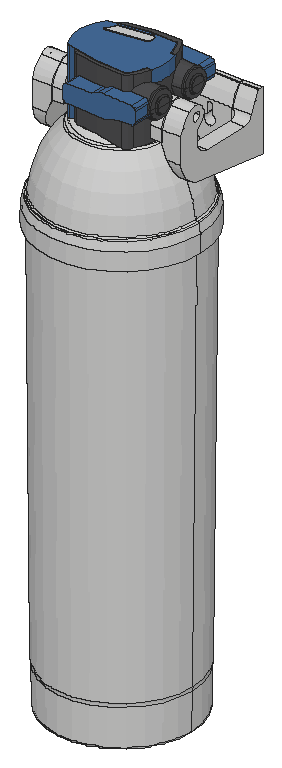
Revit family "QF_Vivreau_PURITY C500 Steam Advanced", category Specialty Equipment, Revit 2020 (continued)
Definition of nested family "QF_Vivreau_Wall Bracket_C500"
  Forms (in)
    Extrusion 4, void
      sketch origin (0, 0, 0) x (1, 0, 0) y (0, 0, 1)
        loop
          arc (4.06057, 55.15765) -> (3.95806, 55.23272) -> (3.85556, 55.15765) r 0.10752
          line (3.85556, 55.15765) -> (3.85556, 54.83453)
      from 0 to 0.50028
    Extrusion 5, solid
      sketch origin (0, 0, 0) x (0, 1, 0) y (0, 0, 1)
        loop
          arc (-3.32952, 56.64719) -> (-3.60078, 56.37477) -> (-3.74609, 56.01885) r 0.97803
          line (-3.74609, 56.01885) -> (-3.74609, 55.58356) -> (-3.04993, 55.58356) -> (-3.04993, 55.82751)
          arc (-3.04993, 55.82751) -> (-3.01891, 55.92778) -> (-2.95631, 56.01202) r 0.31113
          arc (-2.95631, 56.01202) -> (-2.87354, 56.09395) -> (-2.79381, 56.17883) r 3.21432
          arc (-2.79381, 56.17883) -> (-2.73635, 56.27963) -> (-2.7179, 56.39419) r 0.32555
          arc (-2.7179, 56.39419) -> (-2.77627, 56.58692) -> (-2.92668, 56.72083) r 0.37126
          arc (-2.92668, 56.72083) -> (-3.14017, 56.75004) -> (-3.32952, 56.64719) r 0.34587
      from 0.71175 to 1.13945
    Extrusion 6, solid
      sketch origin (4.34798, 0, 0) x (0, 1, 0) y (0, 0, 1)
        loop
          arc (-3.32952, 56.64719) -> (-3.60078, 56.37477) -> (-3.74609, 56.01885) r 0.97803
          line (-3.74609, 56.01885) -> (-3.74609, 55.58356) -> (-3.04993, 55.58356) -> (-3.04993, 55.82751)
          arc (-3.04993, 55.82751) -> (-3.01891, 55.92778) -> (-2.95631, 56.01202) r 0.31113
          arc (-2.95631, 56.01202) -> (-2.87354, 56.09395) -> (-2.79381, 56.17883) r 3.21432
          arc (-2.79381, 56.17883) -> (-2.73635, 56.27963) -> (-2.7179, 56.39419) r 0.32555
          arc (-2.7179, 56.39419) -> (-2.77627, 56.58692) -> (-2.92668, 56.72083) r 0.37126
          arc (-2.92668, 56.72083) -> (-3.14017, 56.75004) -> (-3.32952, 56.64719) r 0.34587
      from 0 to 0.4277
    Extrusion 7, solid
      sketch origin (0, 0, 0) x (0, 1, 0) y (0, 0, 1)
        loop
          circle (-3.06236, 56.38281) r 0.17302
      from 1.13945 to 1.35172
    Extrusion 8, solid
      sketch origin (2.86179, 0, 0) x (0, 1, 0) y (0, 0, 1)
        loop
          circle (-3.06236, 56.38281) r 0.17302
      from 1.19877 to 1.48618
    Extrusion 9, void
      sketch origin (0, 0, 0) x (1, 0, 0) y (0, 0, 1)
        loop
          line (0.15642, 53.82017) -> (0.15642, 53.76981) -> (0.77378, 53.76981) -> (0.77378, 55.54717) -> (0.71175, 55.54717)
          arc (0.71175, 55.54717) -> (0.39158, 54.69733) -> (0.15642, 53.82017) r 9.23624
      from 0.51986 to 3.74609
    Extrusion 10, void
      sketch origin (5.48742, 0, 0) x (-1, 0, 0) y (0, 0, -1)
        loop
          arc (0.15642, -53.82017) -> (0.39158, -54.69733) -> (0.71175, -55.54717) r 9.23624
          line (0.71175, -55.54717) -> (0.77378, -55.54717) -> (0.77378, -53.76981) -> (0.15642, -53.76981) -> (0.15642, -53.82017)
      from 0.51986 to 3.74609
  Cuts and joins
    Extrusion 4, Extrusion 9 cuts Extrusion 3
    Extrusion 9, Extrusion 10 cuts Extrusion 1
    Extrusion 10 cuts Extrusion 2
  Lines and regions (in)
    symbolic lines
      curve 1: line (0, -3.23537, 56.38281) -> (0, -2.88934, 56.38281)
      curve 2: line (0.40405, -0.13295, 0) -> (0.40405, 0, 0)
      curve 3: line (0.40405, 0, 0) -> (5.08337, 0, 0)
      curve 4: line (5.08337, -0.13295, 0) -> (5.08337, 0, 0)
      curve 5: line (0.40405, -0.13295, 0) -> (5.08337, -0.13295, 0)
      curve 6: arc (0.40405, -0.13295, 0) -> (0.42218, -0.30656, 0) -> (0.44979, -0.47891, 0) r 3.18691
      curve 7: arc (0.44979, -0.47891, 0) -> (0.44265, -0.54927, 0) -> (0.42407, -0.6175, 0) r 0.42983
      curve 8: arc (0.42407, -0.6175, 0) -> (0.08893, -1.60757, 0) -> (0, -2.64903, 0) r 4.34392
      curve 9: arc (1.01852, -0.51986, 0) -> (0.66155, -1.5729, 0) -> (0.57957, -2.68176, 0) r 4.40598
      curve 10: line (0.39328, -2.68176, 0) -> (1.02034, -2.68176, 0)
      curve 11: line (1.02034, -2.68176, 0) -> (1.02034, -3.68176, 0)
      curve 12: arc (0.39328, -2.68176, 0) -> (0.27454, -2.7648, 0) -> (0.22894, -2.90232, 0) r 0.23018
      curve 13: arc (0.12248, -3.08148, 0) -> (0.15422, -3.06272, 0) -> (0.17635, -3.03322, 0) r 0.09432
      curve 14: arc (0.17635, -3.03322, 0) -> (0.20476, -2.96863, 0) -> (0.22894, -2.90232, 0) r 1.08965
      curve 15: arc (0.12248, -3.08148, 0) -> (0.0982, -3.08363, 0) -> (0.07385, -3.08469, 0) r 0.54642
      curve 16: arc (0.07385, -3.08469, 0) -> (0.04284, -3.05822, 0) -> (0.0293, -3.01977, 0) r 0.07844
      curve 17: arc (0.39328, -2.68176, 0) -> (0.44322, -2.69561, 0) -> (0.47889, -2.7332, 0) r 0.09696
      curve 18: arc (0.47889, -2.7332, 0) -> (0.51971, -2.80727, 0) -> (0.54276, -2.88864, 0) r 0.37227
      curve 19: arc (0.54276, -2.88864, 0) -> (0.55909, -3.03706, 0) -> (0.54276, -3.18547, 0) r 0.68254
      curve 20: arc (0.54276, -3.18547, 0) -> (0.46763, -3.39851, 0) -> (0.34409, -3.58761, 0) r 0.94478
      curve 21: arc (0.34409, -3.58761, 0) -> (0.29471, -3.65131, 0) -> (0.23677, -3.70733, 0) r 0.5646
      curve 22: arc (0.23677, -3.70733, 0) -> (0.20133, -3.72715, 0) -> (0.16121, -3.73335, 0) r 0.11449
      curve 23: arc (0.16121, -3.73335, 0) -> (0.12018, -3.73371, 0) -> (0.07926, -3.73682, 0) r 0.61075
      curve 24: arc (0.07926, -3.73682, 0) -> (0.02221, -3.70198, 0) -> (0, -3.63894, 0) r 0.09968
      curve 25: line (0, -3.63894, 0) -> (0, -2.64903, 0)
      curve 26: arc (0.0293, -3.01977, 0) -> (0.01004, -2.90893, 0) -> (0, -2.79687, 0) r 1.36079
      curve 27: arc (0.07926, -3.73682, 0) -> (0.21195, -3.74363, 0) -> (0.3448, -3.74609, 0) r 4.0609
      curve 28: arc (0.3448, -3.74609, 0) -> (0.65283, -3.73623, 0) -> (0.95923, -3.70313, 0) r 4.07828
      curve 29: arc (0.95923, -3.70313, 0) -> (0.99081, -3.69537, 0) -> (1.02034, -3.68176, 0) r 0.17058
      curve 30: arc (5.08337, -0.13295, 0) -> (5.06524, -0.30656, 0) -> (5.03763, -0.47891, 0) r 3.18691
      curve 31: arc (5.03763, -0.47891, 0) -> (5.04477, -0.54927, 0) -> (5.06335, -0.6175, 0) r 0.42983
      curve 32: arc (5.06335, -0.6175, 0) -> (5.39849, -1.60757, 0) -> (5.48742, -2.64903, 0) r 4.34392
      curve 33: arc (4.4689, -0.51986, 0) -> (4.82587, -1.5729, 0) -> (4.90785, -2.68176, 0) r 4.40598
      curve 34: line (5.09414, -2.68176, 0) -> (4.46708, -2.68176, 0)
      curve 35: line (4.46708, -2.68176, 0) -> (4.46708, -3.68176, 0)
      curve 36: arc (5.09414, -2.68176, 0) -> (5.21288, -2.7648, 0) -> (5.25848, -2.90232, 0) r 0.23018
      curve 37: arc (5.36494, -3.08148, 0) -> (5.3332, -3.06272, 0) -> (5.31108, -3.03322, 0) r 0.09432
      curve 38: arc (5.31108, -3.03322, 0) -> (5.28266, -2.96863, 0) -> (5.25848, -2.90232, 0) r 1.08965
      curve 39: arc (5.36494, -3.08148, 0) -> (5.38922, -3.08363, 0) -> (5.41358, -3.08469, 0) r 0.54642
      curve 40: arc (5.41358, -3.08469, 0) -> (5.44458, -3.05822, 0) -> (5.45812, -3.01977, 0) r 0.07844
      curve 41: arc (5.09414, -2.68176, 0) -> (5.0442, -2.69561, 0) -> (5.00853, -2.7332, 0) r 0.09696
      curve 42: arc (5.00853, -2.7332, 0) -> (4.96771, -2.80727, 0) -> (4.94466, -2.88864, 0) r 0.37227
      curve 43: arc (4.94466, -2.88864, 0) -> (4.92833, -3.03706, 0) -> (4.94466, -3.18547, 0) r 0.68254
      curve 44: arc (4.94466, -3.18547, 0) -> (5.01979, -3.39851, 0) -> (5.14334, -3.58761, 0) r 0.94478
      curve 45: arc (5.14334, -3.58761, 0) -> (5.19271, -3.65131, 0) -> (5.25065, -3.70733, 0) r 0.5646
      curve 46: arc (5.25065, -3.70733, 0) -> (5.28609, -3.72715, 0) -> (5.32621, -3.73335, 0) r 0.11449
      curve 47: arc (5.32621, -3.73335, 0) -> (5.36725, -3.73371, 0) -> (5.40816, -3.73682, 0) r 0.61075
      curve 48: arc (5.40816, -3.73682, 0) -> (5.46521, -3.70198, 0) -> (5.48742, -3.63894, 0) r 0.09968
      curve 49: line (5.48742, -3.63894, 0) -> (5.48742, -2.64903, 0)
      curve 50: arc (5.45812, -3.01977, 0) -> (5.47738, -2.90893, 0) -> (5.48742, -2.79687, 0) r 1.36079
      curve 51: arc (5.40816, -3.73682, 0) -> (5.27547, -3.74363, 0) -> (5.14262, -3.74609, 0) r 4.0609
      curve 52: arc (5.14262, -3.74609, 0) -> (4.8346, -3.73623, 0) -> (4.52819, -3.70313, 0) r 4.07828
      curve 53: arc (4.52819, -3.70313, 0) -> (4.49661, -3.69537, 0) -> (4.46708, -3.68176, 0) r 0.17058
      curve 54: line (1.1815, -2.88934, 0) -> (1.02034, -2.88934, 0)
      curve 55: line (1.1815, -2.88934, 0) -> (1.1815, -3.23537, 0)
      curve 56: line (1.1815, -3.23537, 0) -> (1.02034, -3.23537, 0)
      curve 57: line (4.17639, -2.88934, 0) -> (4.46708, -2.88934, 0)
      curve 58: line (4.17639, -2.88934, 0) -> (4.17639, -3.23537, 0)
      curve 59: line (4.17639, -3.23537, 0) -> (4.46708, -3.23537, 0)
      curve 60: line (1.01852, -0.51986, 0) -> (4.4689, -0.51986, 0)
      curve 61: line (0, 0, 0) -> (5.48742, 0, 0)
  Dimensions and locks (in)
    "Depth": plane 4 "FRONT" to plane 1 "BACK"
    equal spacing: plane 4 "FRONT", plane 5 "Center (Front/Back)", plane 1 "BACK"
    locked: plane 3 "LEFT" to plane 7 "RIGHT" at 5.48742
    equal spacing: plane 3 "LEFT", plane 8 "Center (Left/Right)", plane 7 "RIGHT"
    plane 10 "Center F/D" to plane 9 "Center F/C" to plane 11 "Center F/E" to plane 12 "Center F/F" to plane 6 "Center (Bottom/Top)" to plane 14 "Center F/N" = 0' - 0.36597" locked, 0' - 0.36396" locked, 0' - 0.94337" locked, 0' - 1.25532" locked, 1' - 5.82017" locked
    locked: plane 13 "Center F/I" to plane 10 "Center F/D" at 0.16528
    "Mounting Height": plane 14 "Center F/N" to plane 2 "REF. LAYER"
    aligned and locked: level to plane 2 "REF. LAYER"
    aligned and locked: plane 11 "Center F/E" to Extrusion 1 sketch curve
    aligned and locked: plane 1 "BACK" to Extrusion 1 sketch curve
    aligned and locked: plane 12 "Center F/F" to Extrusion 1 sketch curve
    aligned and locked: Extrusion 1 sketch curve to plane 12 "Center F/F"
    aligned and locked: plane 4 "FRONT" to Extrusion 1 sketch curve
    aligned and locked: plane 3 "LEFT" to curve 61
    aligned and locked: plane 7 "RIGHT" to curve 61
    aligned and locked: curve 61 to plane 2 "REF. LAYER"
    aligned and locked: Extrusion 5 to cut or joined group of Extrusion 1, Extrusion 9, Extrusion 10
    aligned and locked: Extrusion 6 to cut or joined group of Extrusion 2, Extrusion 10
  Automatic sketch dimensions
    curve 1 to plane 9 "Center F/C" = 0' - 0"
    curve 1 to plane 4 "FRONT" = 0' - 0.51072"
    curve 1 to curve 1 = 0' - 0.34603"
    curve 26 to plane 3 "LEFT" = 0' - 0"
    plane 4 "FRONT" to curve 27 = 0' - 0"
    plane 1 "BACK" to curve 2 = 0' - 0"
    plane 4 "FRONT" to curve 51 = 0' - 0"
    curve 48 to plane 7 "RIGHT" = 0' - 0"
    curve 19 to plane 3 "LEFT" = 0' - 0.12345"
    curve 21 to plane 3 "LEFT" = 0' - 0.12571"
    curve 20 to curve 19 = 0' - 0.25597"
    curve 14 to curve 20 = 0' - 0.42691"
    plane 3 "LEFT" to curve 7 = 0' - 0.02004"
    plane 3 "LEFT" to curve 15 = 0' - 0.06218"
    plane 3 "LEFT" to curve 13 = 0' - 0.09129"
    plane 3 "LEFT" to curve 24 = 0' - 0.09968"
    curve 13 to curve 16 = 0' - 0.01623"
    plane 3 "LEFT" to curve 23 = 0' - 0.146"
    curve 24 to curve 22 = 0' - 0.06438"
    curve 16 to curve 18 = 0' - 0.06786"
    plane 3 "LEFT" to curve 27 = 0' - 0.35368"
    curve 27 to curve 28 = 0' - 0.01466"
    curve 18 to curve 10 = 0' - 0.2179"
    plane 1 "BACK" to curve 5 = 0' - 0.13295"
    plane 3 "LEFT" to curve 5 = 0' - 0.40405"
    curve 17 to curve 12 = 0' - 0.06584"
    curve 12 to curve 33 = 0' - 0.11471"
    curve 29 to plane 4 "FRONT" = 0' - 0.21174"
    curve 22 to curve 29 = 0' - 0.77045"
    plane 1 "BACK" to curve 60 = 0' - 0.51986"
    curve 2 to curve 60 = 0' - 0.61447"
    curve 33 to curve 11 = 0' - 0.51235"
    curve 10 to curve 32 = 0' - 0.12589"
    curve 54 to curve 54 = 0' - 0.16115"
    curve 54 to curve 26 = 0' - 0.17773"
    curve 30 to plane 1 "BACK" = 0' - 0.11117"
    curve 30 to plane 8 "Center (Left/Right)" = 0' - 0.83788"
    curve 6 to plane 1 "BACK" = 0' - 0.11117"
    plane 8 "Center (Left/Right)" to curve 6 = 0' - 0.83788"
    curve 50 to plane 7 "RIGHT" = 0' - 1.35923"
    curve 50 to curve 57 = 0' - 0.0482"
    curve 50 to curve 8 = 0' - 0.213"
    curve 8 to curve 34 = 0' - 0.12589"
    curve 60 to plane 7 "RIGHT" = 0' - 1.01852"
    curve 35 to curve 53 = 0' - 0.08583"
    curve 9 to plane 7 "RIGHT" = 0' - 0.50799"
    curve 9 to curve 36 = 0' - 0.04887"
    curve 5 to plane 7 "RIGHT" = 0' - 0.40405"
    curve 36 to curve 34 = 0' - 0.06584"
    curve 3 to curve 52 = 0' - 0.03571"
    curve 52 to curve 51 = 0' - 0.01466"
    curve 42 to plane 7 "RIGHT" = 0' - 0.17538"
    curve 46 to plane 4 "FRONT" = 0' - 0.12719"
    curve 46 to plane 7 "RIGHT" = 0' - 0 21/128"
    curve 47 to plane 7 "RIGHT" = 0' - 0.146"
    curve 42 to curve 40 = 0' - 0.06786"
    curve 46 to curve 48 = 0' - 0.06438"
    curve 40 to curve 37 = 0' - 0.01623"
    curve 39 to plane 7 "RIGHT" = 0' - 0.06218"
    curve 31 to plane 7 "RIGHT" = 0' - 0.02004"
    plane 7 "RIGHT" to curve 43 = 0' - 0.12345"
    plane 7 "RIGHT" to curve 45 = 0' - 0.12571"
    curve 43 to curve 44 = 0' - 0.25597"
    curve 44 to curve 38 = 0' - 0.42691"
    plane 4 "FRONT" to curve 47 = 0' - 0.59782"
    plane 4 "FRONT" to curve 23 = 0' - 0.59782"
    curve 11 to plane 4 "FRONT" = 0' - 0.06433"
    curve 35 to plane 4 "FRONT" = 0' - 0.06433"
    curve 48 to curve 46 = 0' - 0.02035"
    curve 28 to curve 24 = 0' - 0.10684"
    curve 24 to curve 25 = 0' - 0.00031"
    curve 48 to curve 49 = 0' - 0.00031"
    curve 24 to curve 22 = 0' - 0.02035"
    curve 35 to curve 53 = 0' - 0.14741"
    curve 25 to curve 21 = 0' - 0.36448"
    curve 48 to curve 45 = 0' - 0.36448"
    curve 29 to curve 56 = 0' - 0.29898"
    curve 53 to curve 58 = 0' - 0.29898"
    curve 21 to curve 19 = 0' - 0.23741"
    curve 45 to curve 43 = 0' - 0.23741"
    curve 19 to curve 16 = 0' - 0.02321"
    curve 43 to curve 40 = 0' - 0.02321"
    curve 16 to curve 13 = 0' - 0.02138"
    curve 40 to curve 37 = 0' - 0.02138"
    curve 19 to curve 20 = 0' - 0.05702"
    curve 43 to curve 44 = 0' - 0.05702"
    curve 40 to curve 42 = 0' - 0.06509"
    curve 16 to curve 18 = 0' - 0.06509"
    curve 18 to curve 12 = 0' - 0.04643"
    curve 42 to curve 36 = 0' - 0.04643"
    curve 58 to curve 57 = 0' - 0.34603"
    curve 55 to curve 54 = 0' - 0.34603"
    curve 36 to curve 41 = 0' - 0.12361"
    curve 12 to curve 17 = 0' - 0.12361"
    curve 57 to curve 50 = 0' - 0.15777"
    curve 54 to curve 26 = 0' - 0.15777"
    curve 54 to curve 11 = 0' - 0.20758"
    curve 57 to curve 34 = 0' - 0.20758"
    curve 12 to curve 25 = 0' - 0.25329"
    curve 36 to curve 49 = 0' - 0.25329"
    curve 20 to curve 14 = 0' - 0.41766"
    curve 44 to curve 38 = 0' - 0.41766"
    curve 8 to curve 15 = 0' - 0.11064"
    curve 32 to curve 39 = 0' - 0.11064"
    curve 34 to curve 8 = 0' - 0.18655"
    curve 10 to curve 32 = 0' - 0.18655"
    curve 9 to curve 33 = 0' - 0.23217"
    curve 33 to curve 9 = 0' - 0.23217"
    plane 1 "BACK" to curve 31 = 0' - 0.47084"
    plane 1 "BACK" to curve 7 = 0' - 0.47084"
    curve 51 to plane 1 "BACK" = 0' - 0.31479"
    curve 27 to plane 1 "BACK" = 0' - 0.31479"
    curve 51 to curve 52 = 0' - 0.01732"
    curve 27 to curve 28 = 0' - 0.01732"
    plane 3 "LEFT" to curve 26 = 0' - 0.0293"
    plane 3 "LEFT" to curve 16 = 0' - 0.07385"
    curve 27 to curve 24 = 0' - 0.02042"
    curve 16 to curve 13 = 0' - 0.04863"
    curve 22 to curve 23 = 0' - 0"
    curve 13 to curve 14 = 0' - 0"
    curve 21 to plane 4 "FRONT" = 0' - 0.03876"
    curve 20 to plane 4 "FRONT" = 0' - 0.15848"
    plane 3 "LEFT" to curve 8 = 0' - 0.42407"
    curve 17 to curve 17 = 0' - 0.08561"
    curve 19 to curve 20 = 0' - 0"
    curve 52 to curve 53 = 0' - 0"
    curve 42 to curve 36 = 0' - 0.08364"
    curve 43 to curve 36 = 0' - 0.08364"
    curve 44 to curve 43 = 0' - 0"
    curve 31 to curve 4 = 0' - 0.04574"
    curve 45 to plane 4 "FRONT" = 0' - 0.15848"
    curve 46 to plane 4 "FRONT" = 0' - 0.03876"
    curve 37 to curve 38 = 0' - 0"
    curve 37 to curve 40 = 0' - 0.01496"
    curve 39 to curve 39 = 0' - 0.04863"
    curve 50 to plane 7 "RIGHT" = 0' - 0.0293"
    Extrusion 1 sketch curve to plane 9 "Center F/C" = 0' - 0"
    Extrusion 1 sketch curve to plane 6 "Center (Bottom/Top)" = 0' - 0"
    Extrusion 1 sketch curve to plane 12 "Center F/F" = 0' - 0"
    Extrusion 1 sketch curve to plane 11 "Center F/E" = 0' - 0"
    plane 4 "FRONT" to Extrusion 1 sketch curve = 0' - 1.42987"
    plane 9 "Center F/C" to Extrusion 1 sketch curve = 0' - 0.00416"
    Extrusion 1 sketch curve to plane 4 "FRONT" = 0' - 0.657"
    Extrusion 1 sketch curve to Extrusion 1 sketch curve = 0' - 0.01111"
    Extrusion 1 sketch curve to Extrusion 1 sketch curve = 0' - 0.02674"
    Extrusion 1 sketch curve to plane 11 "Center F/E" = 0' - 0.19134"
    Extrusion 1 sketch curve to Extrusion 1 sketch curve = 0' - 0.01242"
    plane 6 "Center (Bottom/Top)" to Extrusion 1 sketch curve = 0' - 0.39563"
    Extrusion 1 sketch curve to plane 4 "FRONT" = 0' - 0.69616"
    Extrusion 1 sketch curve to Extrusion 1 sketch curve = 0' - 0.01897"
    Extrusion 1 sketch curve to Extrusion 1 sketch curve = 0' - 0.26431"
    Extrusion 1 sketch curve to Extrusion 1 sketch curve = 0' - 0.04417"
    plane 12 "Center F/F" to Extrusion 1 sketch curve = 0' - 0.12897"
    Extrusion 1 sketch curve to Extrusion 1 sketch curve = 0' - 0.1996"
    plane 1 "BACK" to Extrusion 1 sketch curve = 0' - 0.82448"
    Extrusion 1 sketch curve to Extrusion 1 sketch curve = 0' - 0.01126"
    Extrusion 1 sketch curve to Extrusion 1 sketch curve = 0' - 0.13295"
    Extrusion 1 sketch curve to Extrusion 1 sketch curve = 0' - 0.01033"
    Extrusion 1 sketch curve to plane 12 "Center F/F" = 0' - 0.24956"
    Extrusion 1 sketch curve to plane 1 "BACK" = 0' - 1.35693"
    plane 12 "Center F/F" to Extrusion 1 sketch curve = 0' - 0.33547"
    Extrusion 1 sketch curve to plane 11 "Center F/E" = 0' - 0.23186"
    Extrusion 1 sketch curve to Extrusion 1 sketch curve = 0' - 0.04736"
    Extrusion 1 sketch curve to plane 11 "Center F/E" = 0' - 0.05594"
    plane 9 "Center F/C" to Extrusion 1 sketch curve = 0' - 0.00505"
    Extrusion 1 sketch curve to Extrusion 1 sketch curve = 0' - 0.02283"
    plane 13 "Center F/I" to Extrusion 1 sketch curve = 0' - 1.42282"
    Extrusion 1 sketch curve to plane 10 "Center F/D" = 0' - 0.10159"
    Extrusion 1 sketch curve to Extrusion 1 sketch curve = 0' - 0"  (x3)
    plane 11 "Center F/E" to Extrusion 1 sketch curve = 0' - 0.15998"
    Extrusion 2 sketch curve to plane 4 "FRONT" = 0' - 0"
    Extrusion 2 sketch curve to plane 9 "Center F/C" = 0' - 0"
    Extrusion 2 sketch curve to plane 12 "Center F/F" = 0' - 0"  (x2)
    Extrusion 2 sketch curve to plane 11 "Center F/E" = 0' - 0"  (x2)
    Extrusion 2 sketch curve to plane 1 "BACK" = 0' - 0"
    Extrusion 2 sketch curve to plane 6 "Center (Bottom/Top)" = 0' - 0"
    plane 4 "FRONT" to Extrusion 2 sketch curve = 0' - 1.42987"
    plane 9 "Center F/C" to Extrusion 2 sketch curve = 0' - 0.00416"
    Extrusion 2 sketch curve to plane 4 "FRONT" = 0' - 0.657"
    Extrusion 2 sketch curve to Extrusion 2 sketch curve = 0' - 0.01111"
    Extrusion 2 sketch curve to Extrusion 2 sketch curve = 0' - 0.02674"
    Extrusion 2 sketch curve to plane 11 "Center F/E" = 0' - 0.19134"
    Extrusion 2 sketch curve to Extrusion 2 sketch curve = 0' - 0.01242"
    plane 6 "Center (Bottom/Top)" to Extrusion 2 sketch curve = 0' - 0.39563"
    Extrusion 2 sketch curve to plane 4 "FRONT" = 0' - 0.69616"
    Extrusion 2 sketch curve to Extrusion 2 sketch curve = 0' - 0.01897"
    Extrusion 2 sketch curve to Extrusion 2 sketch curve = 0' - 0.26431"
    Extrusion 2 sketch curve to Extrusion 2 sketch curve = 0' - 0.04417"
    plane 12 "Center F/F" to Extrusion 2 sketch curve = 0' - 0.12897"
    Extrusion 2 sketch curve to Extrusion 2 sketch curve = 0' - 0.1996"
    plane 1 "BACK" to Extrusion 2 sketch curve = 0' - 0.82448"
    Extrusion 2 sketch curve to Extrusion 2 sketch curve = 0' - 0.01126"
    Extrusion 2 sketch curve to Extrusion 2 sketch curve = 0' - 0.13295"
    Extrusion 2 sketch curve to Extrusion 2 sketch curve = 0' - 0.01033"
    Extrusion 2 sketch curve to plane 12 "Center F/F" = 0' - 0.24956"
    Extrusion 2 sketch curve to plane 1 "BACK" = 0' - 1.35693"
    plane 12 "Center F/F" to Extrusion 2 sketch curve = 0' - 0.33547"
    Extrusion 2 sketch curve to plane 11 "Center F/E" = 0' - 0.23186"
    Extrusion 2 sketch curve to Extrusion 2 sketch curve = 0' - 0.04736"
    Extrusion 2 sketch curve to plane 11 "Center F/E" = 0' - 0.05594"
    plane 9 "Center F/C" to Extrusion 2 sketch curve = 0' - 0.00505"
    Extrusion 2 sketch curve to Extrusion 2 sketch curve = 0' - 0.02283"
    plane 13 "Center F/I" to Extrusion 2 sketch curve = 0' - 1.42282"
    Extrusion 2 sketch curve to plane 10 "Center F/D" = 0' - 0.10159"
    Extrusion 2 sketch curve to Extrusion 2 sketch curve = 0' - 0"  (x3)
    plane 11 "Center F/E" to Extrusion 2 sketch curve = 0' - 0.15998"
    Extrusion 3 sketch curve to plane 11 "Center F/E" = 0' - 0"
    Extrusion 3 sketch curve to plane 1 "BACK" = 0' - 0"
    Extrusion 3 sketch curve to plane 6 "Center (Bottom/Top)" = 0' - 0"
    Extrusion 3 sketch curve to plane 11 "Center F/E" = 0' - 0.05594"
    plane 1 "BACK" to Extrusion 3 sketch curve = 0' - 0.12262"
    Extrusion 3 sketch curve to Extrusion 3 sketch curve = 0' - 0.01033"
    plane 6 "Center (Bottom/Top)" to Extrusion 3 sketch curve = 0' - 0.0649"
    plane 1 "BACK" to Extrusion 3 sketch curve = 0' - 0.50028"
    Extrusion 3 sketch curve to plane 12 "Center F/F" = 0' - 0.24956"
    Extrusion 3 sketch curve to plane 1 "BACK" = 0' - 1.35693"
    plane 12 "Center F/F" to Extrusion 3 sketch curve = 0' - 0.24852"
    plane 12 "Center F/F" to Extrusion 4 sketch curve = 0' - 0.08217"  (x2)
    Extrusion 4 sketch curve to plane 8 "Center (Left/Right)" = 0' - 1.30818"
    Extrusion 4 sketch curve to Extrusion 4 sketch curve = 0' - 0.10205"  (x2)
    plane 12 "Center F/F" to Extrusion 4 sketch curve = 0' - 0.04972"  (x2)
    Extrusion 4 sketch curve to Extrusion 4 sketch curve = 0' - 0.1025"  (x2)
    Extrusion 4 sketch curve to Extrusion 4 sketch curve = 0' - 0.205"  (x2)
    Extrusion 4 sketch curve to plane 12 "Center F/F" = 0' - 0.24096"
    plane 8 "Center (Left/Right)" to Extrusion 4 sketch curve = 0' - 1.11185"
    Extrusion 4 sketch curve to plane 12 "Center F/F" = 0' - 0.24147"
    Extrusion 4 sketch curve to Extrusion 4 sketch curve = 0' - 0.00051"
    Extrusion 4 sketch curve to Extrusion 4 sketch curve = 0' - 0.18093"
    Extrusion 5 sketch curve to plane 4 "FRONT" = 0' - 0"
    Extrusion 5 sketch curve to plane 11 "Center F/E" = 0' - 0"
    plane 4 "FRONT" to Extrusion 5 sketch curve = 0' - 1.42987"
    plane 9 "Center F/C" to Extrusion 5 sketch curve = 0' - 0.00416"
    Extrusion 5 sketch curve to plane 4 "FRONT" = 0' - 0.657"
    Extrusion 5 sketch curve to Extrusion 5 sketch curve = 0' - 0.01111"
    Extrusion 5 sketch curve to plane 4 "FRONT" = 0' - 0.69616"
    Extrusion 5 sketch curve to Extrusion 5 sketch curve = 0' - 0.0346"
    Extrusion 5 sketch curve to Extrusion 5 sketch curve = 0' - 0.26431"
    Extrusion 5 sketch curve to Extrusion 5 sketch curve = 0' - 0.04417"
    Extrusion 5 sketch curve to plane 11 "Center F/E" = 0' - 0.1845"
    Extrusion 5 sketch curve to plane 11 "Center F/E" = 0' - 0.19134"
    Extrusion 5 sketch curve to Extrusion 5 sketch curve = 0' - 0.04736"
    Extrusion 5 sketch curve to Extrusion 5 sketch curve = 0' - 0.43529"
    plane 9 "Center F/C" to Extrusion 5 sketch curve = 0' - 0.00505"
    Extrusion 5 sketch curve to Extrusion 5 sketch curve = 0' - 0.02283"
    plane 13 "Center F/I" to Extrusion 5 sketch curve = 0' - 1.42282"
    Extrusion 5 sketch curve to plane 10 "Center F/D" = 0' - 0.10159"
    Extrusion 5 sketch curve to Extrusion 5 sketch curve = 0' - 0"  (x2)
    plane 11 "Center F/E" to Extrusion 5 sketch curve = 0' - 0.15998"
    Extrusion 6 sketch curve to plane 4 "FRONT" = 0' - 0"
    Extrusion 6 sketch curve to plane 11 "Center F/E" = 0' - 0"
    plane 4 "FRONT" to Extrusion 6 sketch curve = 0' - 1.42987"
    plane 9 "Center F/C" to Extrusion 6 sketch curve = 0' - 0.00416"
    Extrusion 6 sketch curve to plane 4 "FRONT" = 0' - 0.657"
    Extrusion 6 sketch curve to Extrusion 6 sketch curve = 0' - 0.01111"
    Extrusion 6 sketch curve to plane 4 "FRONT" = 0' - 0.69616"
    Extrusion 6 sketch curve to Extrusion 6 sketch curve = 0' - 0.0346"
    Extrusion 6 sketch curve to Extrusion 6 sketch curve = 0' - 0.26431"
    Extrusion 6 sketch curve to Extrusion 6 sketch curve = 0' - 0.04417"
    Extrusion 6 sketch curve to plane 11 "Center F/E" = 0' - 0.1845"
    Extrusion 6 sketch curve to plane 11 "Center F/E" = 0' - 0.19134"
    Extrusion 6 sketch curve to Extrusion 6 sketch curve = 0' - 0.04736"
    Extrusion 6 sketch curve to Extrusion 6 sketch curve = 0' - 0.43529"
    plane 9 "Center F/C" to Extrusion 6 sketch curve = 0' - 0.00505"
    Extrusion 6 sketch curve to Extrusion 6 sketch curve = 0' - 0.02283"
    plane 13 "Center F/I" to Extrusion 6 sketch curve = 0' - 1.42282"
    Extrusion 6 sketch curve to plane 10 "Center F/D" = 0' - 0.10159"
    Extrusion 6 sketch curve to Extrusion 6 sketch curve = 0' - 0"  (x2)
    plane 11 "Center F/E" to Extrusion 6 sketch curve = 0' - 0.15998"
    Extrusion 7 sketch curve to plane 9 "Center F/C" = 0' - 0"
    Extrusion 7 sketch curve to plane 4 "FRONT" = 0' - 0.68374"
    Extrusion 8 sketch curve to plane 9 "Center F/C" = 0' - 0"
    Extrusion 8 sketch curve to plane 4 "FRONT" = 0' - 0.68374"
    Extrusion 9 sketch curve to plane 6 "Center (Bottom/Top)" = 0' - 0"
    Extrusion 9 sketch curve to plane 6 "Center (Bottom/Top)" = 0' - 0.05036"
    plane 3 "LEFT" to Extrusion 9 sketch curve = 0' - 0.15642"
    Extrusion 9 sketch curve to plane 11 "Center F/E" = 0' - 0.47168"
    plane 3 "LEFT" to Extrusion 9 sketch curve = 0' - 0.71175"
    Extrusion 9 sketch curve to Extrusion 9 sketch curve = 0' - 0.61736"
    Extrusion 9 sketch curve to plane 6 "Center (Bottom/Top)" = 0' - 1.95025"
    Extrusion 10 sketch curve to plane 6 "Center (Bottom/Top)" = 0' - 0"
    plane 6 "Center (Bottom/Top)" to Extrusion 10 sketch curve = 0' - 0.05036"
    plane 7 "RIGHT" to Extrusion 10 sketch curve = 0' - 0.15642"
    plane 11 "Center F/E" to Extrusion 10 sketch curve = 0' - 0.47168"
    Extrusion 10 sketch curve to Extrusion 10 sketch curve = 0' - 0.55533"
    Extrusion 10 sketch curve to Extrusion 10 sketch curve = 0' - 0.61736"
    plane 6 "Center (Bottom/Top)" to Extrusion 10 sketch curve = 0' - 1.95025"
    radius of Extrusion 1 sketch curve = 0' - 0.17302"
    radius of Extrusion 2 sketch curve = 0' - 0.17302"
    radius of Extrusion 7 sketch curve = 0' - 0.17302"
    radius of Extrusion 8 sketch curve = 0' - 0.17302"
